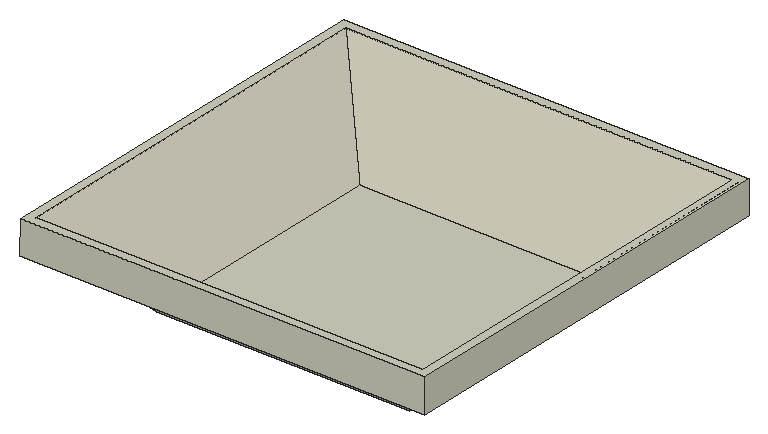
Revit family "Bruttile - Face Based", category Generic Models, host Face, Revit 2020
Family settings
  Host = Face
  Can host rebar = No
  Round Connector Dimension = Use Diameter
  Part Type = Normal
  Cut with Voids When Loaded = No
  Shared = No
  Room Calculation Point = No
Parameters (values of type "Warm Gray")
  L = 12.00"
  Default Elevation = 0.00"
  Color = Warm Gray
Types (11): name | Color
  (no name) | Warm Gray
  Light Gray | Light Gray
  Black | Black
  Blue | Blue
  Dark Gray | Dark Gray
  Dark Green | Dark Green
  Light Green | Light Green
  Medium Gray | Medium Gray
  Red | Red
  Warm Gray | Warm Gray
  White | White
Reference planes (in)
  plane 1 "Center (Front/Back)": y = 0
  plane 2: z = 0
  plane 3 "Center (Left/Right)": x = 0
  plane 4: x = 6
  plane 5: x = -6
  plane 6: y = -6
  plane 7: y = 6
  plane 8: z = -30
Forms (in)
  Extrusion 1, void
    sketch origin (0, 0, 0) x (1, 0, 0) y (0, 1, 0)
      loop
        line (-6, 6) -> (-6, -6) -> (6, -6) -> (6, 6) -> (-6, 6)
    from 0 to -30
Dimensions and locks (in)
  equal spacing: plane 5, plane 3 "Center (Left/Right)", plane 4
  "L": plane 5 to plane 4
  equal spacing: plane 7, plane 1 "Center (Front/Back)", plane 6
  "L": plane 7 to plane 6
  host face to plane 8 = 30.00"
  aligned and locked: plane 2 to host face
  aligned and locked: level to host face
  aligned and locked: plane 6 to Extrusion 1 sketch curve
  aligned and locked: Extrusion 1 sketch curve to plane 4
  aligned and locked: Extrusion 1 sketch curve to plane 7
  aligned and locked: Extrusion 1 sketch curve to plane 5
  aligned and locked: host face to plane 8
  aligned and locked: Extrusion 1 to plane 8
  aligned and locked: plane 3 "Center (Left/Right)" to nested 1
  aligned and locked: plane 1 "Center (Front/Back)" to nested 1
Automatic sketch dimensions
  host sketch curve to host sketch curve = 96.00"  (x2)
Nested families (in)
  nested 1: "Model 1" at (0, 0, 0), type "Model 1"
Definition of nested family "Model 1"
  Parameters (values of type "Model 1")
    Default Elevation = 0.00"
    Color = none
  Reference planes (in)
    plane 1 "Center (Front/Back)": y = 0
    plane 2: z = 0
    plane 3 "Center (Left/Right)": x = 0
    plane 4 "4": z = 0
    plane 5 "5": z = -2.6875
    plane 6 "6": z = -2.5625
  Forms (in)
    Extrusion 1, solid, material <- "Color"
      sketch origin (0, 0, -1.3779) x (0, -1, 0) y (1, 0, 0)
        loop
          line (-6, -6) -> (6, -6) -> (6, 6) -> (-6, 6) -> (-6, -6)
      from 1.3779 to -1.3096
    SweptBlend 2, void
      path origin (0, 0, -1.3779) x (1, 0, 0) y (0, 0, 1)
        loop
          line (0, -1.1846) -> (0, 1.3779)
      profile origin (0, 0, -2.5625) x (-1, 0, 0) y (0, -1, 0)
        loop
          line (3.6875, -3.6875) -> (3.6875, 3.6875) -> (-3.6875, 3.6875) -> (-3.6875, -3.6875) -> (3.6875, -3.6875)
      end profile origin (0, 0, 0) x (-1, 0, 0) y (0, -1, 0)
        loop
          line (5.75, -5.75) -> (5.75, 5.75) -> (-5.75, 5.75) -> (-5.75, -5.75) -> (5.75, -5.75)
    Sweep 3, void
      path origin (0, 0, 0) x (0, -1, 0) y (-1, 0, 0)
        loop
          line (6, -6) -> (6, 6) -> (-6, 6) -> (-6, -6) -> (6, -6)
      profile origin (6, 0, 0) x (-1, 0, 0) y (0, 0, 1)
        loop
          line (0, -2.6875) -> (2.25265, -2.6875) -> (0.17003, -0.1) -> (0.125, -0.1) -> (0.125, -1) -> (0, -1) -> (0, -2.6875)
  Cuts and joins
    SweptBlend 2, Sweep 3 cuts Extrusion 1
  Dimensions and locks (in)
    level to plane 5 "5" = 2.6875"
    plane 6 "6" to plane 5 "5" = 0.125"
    aligned and locked: level to plane 2
    aligned and locked: plane 4 "4" to Extrusion 1
    aligned and locked: Extrusion 1 to plane 5 "5"
    aligned and locked: plane 6 "6" to SweptBlend 2 sketch curve
